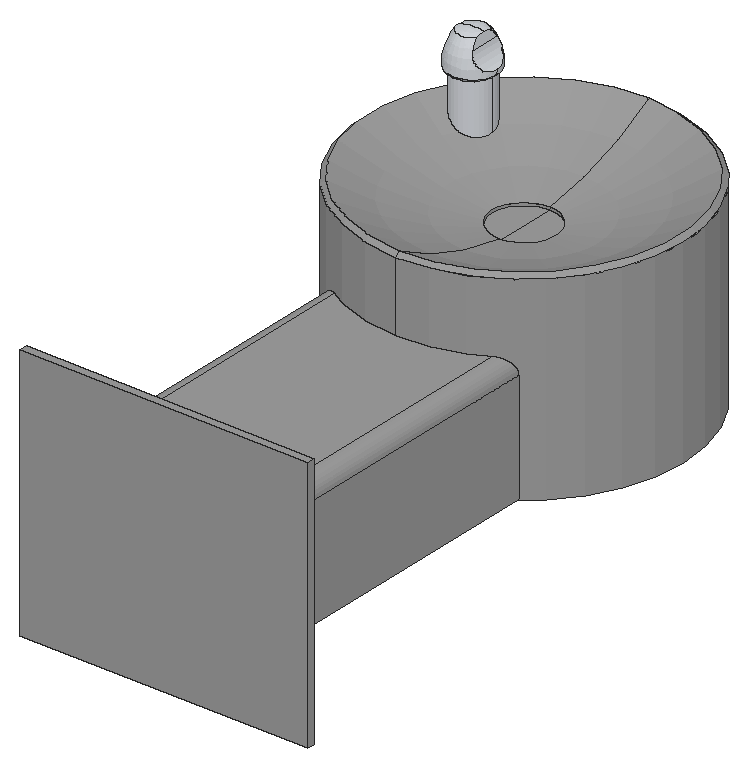
Revit family "equip-bottle-filler-elkay-LK4405FRK", category Plumbing Fixtures, Revit 2019
Family settings
  Round Connector Dimension = Use Radius
  Part Type = Normal
  OmniClass Number = 23.45.00.00
  OmniClass Title = Sanitary, Laundry, and Cleaning Equipment
  Work Plane-Based = No
  Always vertical = Yes
  Cut with Voids When Loaded = No
  Shared = No
  Room Calculation Point = No
Parameters (values of type "LK4405FRK")
  Water Service Size Radius = 0' - 0 3/16"
  Water Service Radius = 0' - 0"
  Water Service Flow Out = 0 GPM
  Water Service Flow = 0 GPM
  Water Connector Description = " "
  Waste Connection = yes
  Wall Plate Material = Metal - Steel - Stainless - Chrome
  Volts/Hertz = "NA"  # constant formula
  Voltage = 0 V
  Version = "1.0.0.0"  # constant formula
  Vent Connection = no
  URL = "http://www.eklayusa.com"
  Type = "Outdoor"
  Specification URL = " "
  Sanitary Service Size Radius = 0' - 0"
  Sanitary Flow [instance] = 0 GPM
  Sanitary Connector Description = " "
  Power Factor = 0
  Number of Poles = 1
  Mounting = "Wall mount"
  Model = "LK4405FRK"
  Manufacturer = "Elkay"  # constant formula
  HW Connection = no
  Freeze Resistant = " "
  Fountain = "LK4405"
  Filter = "Non-filtered"
  Description = "Bottle Filler "  # constant formula
  Chiller Option = no
  Chiller = "NA"
  CW Connection = yes
  Bubbler = "Vandal Resistant"
  Body Material = Metal - Steel - Stainless - Chrome
  Back Panel = "NA"
  Apparent Load Phase 1 = 0 VA
  Activation = "Push Button"
Reference planes (in)
  plane 1 "Back": y = 0
  plane 2: z = 0
  plane 3 "Center (Left/Right)": x = -18.74892
  plane 4 "FRont": y = 19.12
  plane 5: z = 29
  plane 6: z = 31.55943
Forms (in)
  Extrusion 1, solid, material "Glass", not visible
    sketch origin (9.35875, 0, 0) x (1, 0, 0) y (0, 0, 1)
      loop
        circle (-28.10767, 28.50093) r 0.625
    from 0 to 0.25
  Extrusion 2, solid, material "Metal - Steel - Stainless - Chrome" <- "Wall Plate Material"
    sketch origin (0, 0, -10.633) x (1, 0, 0) y (0, 0, 1)
      loop
        line (-14.24892, 35.61933) -> (-14.24892, 43.61933) -> (-23.24892, 43.61933) -> (-23.24892, 35.61933) -> (-14.24892, 35.61933)
    from 0 to -0.25
  Extrusion 3, solid, material "Metal - Steel - Stainless - Chrome" <- "Body Material"
    sketch origin (-9.74892, 0, -12.01367) x (1, 0, 0) y (0, 0, 1)
      loop
        line (-6.5, 43) -> (-11.5, 43)
        arc (-11.5, 43) -> (-11.85355, 42.85355) -> (-12, 42.5) r 0.5
        line (-12, 42.5) -> (-12, 39) -> (-6, 39) -> (-6, 42.5)
        arc (-6, 42.5) -> (-6.14645, 42.85355) -> (-6.5, 43) r 0.5
    from -0.25 to -10.46268
  Revolve 4, solid, material "Metal - Steel - Stainless - Chrome" <- "Body Material"
    sketch origin (-18.74892, -9.32366, 0) x (0, 1, 0) y (0, 0, 1)
      loop
        line (23.40819, 31.87867) -> (23.40819, 26.98633) -> (28.40819, 26.98633) -> (28.40819, 33.17251) -> (28.2682, 33.3125)
        arc (28.2682, 33.3125) -> (26.41206, 32.42358) -> (24.40819, 31.95456) r 9.51501
        line (24.40819, 31.95456) -> (24.40819, 31.87867) -> (23.40819, 31.87867)
      axis (23.40819, 33.3125) -> (23.40819, 26.98633)
    angle from 0 to 360
  Extrusion 5, void
    sketch origin (0, 0, 0) x (-1, 0, 0) y (0, 0, 1)
      loop
        circle (18.74892, 29.60633) r 1.875
    from 18.20453 to 19.38257
  Extrusion 6, solid
    sketch origin (0, 18.20453, 0) x (-1, 0, 0) y (0, 0, 1)
      loop
        circle (18.74892, 29.35633) r 0.75
    from 0 to 0.5
  Revolve 7, solid
    sketch origin (-14.00558, 16.25, -22.49351) x (-1, 0, 0) y (0, 0, 1)
      loop
        arc (8.07855, 57.82486) -> (7.84933, 57.81749) -> (7.63142, 57.74602) r 0.8079
        arc (7.63142, 57.74602) -> (7.38545, 57.27218) -> (7.32244, 56.74203) r 1.48884
        line (7.32244, 56.74203) -> (7.39589, 56.66859) -> (7.45355, 56.66859) -> (7.45355, 54.96936) -> (8.07855, 54.96936) -> (8.07855, 57.82486)
      axis (8.07855, 57.82486) -> (8.07855, 54.96936)
    angle from 0 to 360
  Extrusion 8, solid, material "Glass", not visible
    sketch origin (7.35875, 0, 0) x (1, 0, 0) y (0, 0, 1)
      loop
        circle (-28.10767, 28.50093) r 0.1875
    from 0 to 0.25
  Extrusion 9, void
    sketch origin (-0.08317, 19.12, 0) x (0, 0, 1) y (-1, 0, 0)
      loop
        arc (34.99601, 21.62548) -> (34.55453, 21.43768) -> (34.27747, 21.046) r 0.87878
        line (34.27747, 21.046) -> (35.55866, 21.046) -> (35.55866, 21.69658) -> (34.99601, 21.62548)
    from 1.61999 to 3.77743
Cuts and joins
  Extrusion 5 cuts Revolve 4
  Extrusion 5 cuts Extrusion 1
  Extrusion 5 cuts Extrusion 2
  Extrusion 5 cuts Extrusion 3
  Extrusion 9 cuts Revolve 7
Lines and regions (in)
  symbolic lines
    curve 1: line (-21.74892, 0.25, 28.71875) -> (-15.74892, 0.25, 28.71875)
Dimensions and locks (in)
  plane 2 to Extrusion 3 = 2' - 2.98633"  (x2)
  cut or joined group of Revolve 4, Extrusion 5 to cut or joined group of Revolve 4, Extrusion 5 = 0' - 6.32617"
  Revolve 4 sketch curve to Revolve 4 sketch curve = 0' - 1"
  radius of Extrusion 1 = 0' - 0 5/8"
Connectors (in)
  piping at (-18.74892, -0.25, 28.50093), driven by "Sanitary Flow", driven by "Sanitary Service Size Radius"
    settings: on Extrusion 1, index 19, connector diameter 0", connector inside diameter 0", connector length 0' - 0", flow factor 0, pipe flow 0 GPM, pressure drop 0.00 psi, fitting loss kfactor 0, connector angle 0.00°, fixture units 0, engagement length 0' - 0", angle of deflection 0.00°, flow configuration 0, flow direction 2, fitting loss method 0, system type 16, joint type 0, gender type 0, connector reference index -1, connector utility 0, adjustable connector no, is connector primary yes, connector description ""
  piping at (-20.74892, -0.25, 28.50093), diameter 0.375
    settings: on Extrusion 8, index 21, connector inside diameter 3/8", connector length 0' - 0", flow factor 0, pipe flow 0 GPM, pressure drop 0.00 psi, fitting loss kfactor 0, connector angle 0.00°, fixture units 0, engagement length 0' - 0", angle of deflection 0.00°, flow configuration 0, flow direction 1, fitting loss method 0, system type 20, joint type 0, gender type 0, connector reference index -1, connector utility 0, adjustable connector no, is connector primary no, connector description ""
